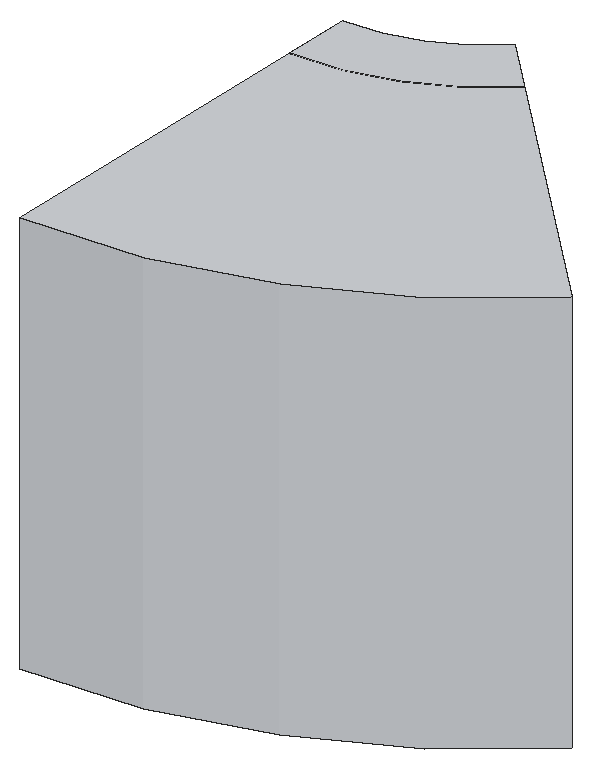
Revit family "M_Cotovelo retangular - 90 graus - Palhetas de divisão", category Conexões de duto, Revit 2019
Family settings
  Cota do conector redondo = Utilizar diâmetro
  Tipo de parte = Cotovelo
  Número OmniClass = 23.75.70.14
  Título OmniClass = Air Ductwork
  ID de item do Seek = Rectangular Elbow - Mitered - Splitter Vanes-0000-CAN-ENU
  Com base no plano de trabalho = Não
  Sempre na vertical = Sim
  Corte com vazios quando carregada = Não
  Compartilhado = Não
Parameters (values of type "1 palhetas de divisão")
  Raio do caveto [instance] = Raio do centro - 0.5 * Largura do duto  # 135 mm
  Largura da palheta de divisão 3 [instance] = Raio da palheta de divisão 3 - Raio do caveto  # 210.934 mm
  Largura da palheta de divisão 2 [instance] = Raio da palheta de divisão 2 - Raio do caveto  # 117.798 mm
  Largura da palheta de divisão 1 [instance] = Raio da palheta de divisão 1 - Raio do caveto  # 49.737 mm
  Raio da palheta de divisão 3 [instance] = Raio do caveto / (Relação da curva * Relação da curva * Relação da curva)  # 345.934 mm
  Raio da palheta de divisão 1 [instance] = Raio do caveto / Relação da curva  # 184.737 mm
  Raio da palheta de divisão 2 [instance] = Raio do caveto / (Relação da curva * Relação da curva)  # 252.798 mm
  Palheta de divisão 3 [instance] = no
  Palheta de divisão 2 [instance] = no
  Palheta de divisão 1 [instance] = yes
  Comprimento 3 [instance] = (Raio do centro - Comprimento 1 / 2) * cos(Ângulo / 2)  # 208.773 mm
  Comprimento 2 [instance] = (Raio do centro - Comprimento 1 / 2) * sin(Ângulo / 2)  # 86.477 mm
  Largura do duto [instance] = 300 mm
  Taxa do raio [instance] = 0.95
  Comprimento 1 [instance] = Raio do centro * tan(Ângulo / 2)  # 118.051 mm
  Altura do duto [instance] = 300 mm
  Relação da curva [instance] = Taxa do raio / 1.3  # 0.73077
  Raio do centro 3 [instance] = Raio do caveto + Largura da palheta de divisão 3 / 2  # 240.467 mm
  Raio do centro 2 [instance] = Raio do caveto + Largura da palheta de divisão 2 / 2  # 193.899 mm
  Raio do centro 1 [instance] = Raio do caveto + Largura da palheta de divisão 1 / 2  # 159.868 mm
  Raio do centro [instance] = Taxa do raio * Largura do duto  # 285 mm
  Assembly Code = ""
  Ângulo 1 [instance] = Ângulo / 2  # 22.50°
  Ângulo [instance] = 45.00°
Types (3, lengths in mm): name | Raio do caveto | Largura da palheta de divisão 3 | Largura da palheta de divisão 2 | Largura da palheta de divisão 1 | Raio da palheta de divisão 3 | Raio da palheta de divisão 1 | Raio da palheta de divisão 2 | Palheta de divisão 3 | Palheta de divisão 2 | Comprimento 3 | Comprimento 2 | Taxa do raio | Comprimento 1 | Relação da curva | Raio do centro 3 | Raio do centro 2 | Raio do centro 1 | Raio do centro
  3 palhetas de divisão | 150 | 179.55 | 103.5 | 45 | 329.55 | 195 | 253.5 | yes | yes | 219.761 | 91.028 | 1 | 124.264 | 0.76923 | 239.775 | 201.75 | 172.5 | 300
  2 palhetas de divisão | 150 | 179.55 | 103.5 | 45 | 329.55 | 195 | 253.5 | no | yes | 219.761 | 91.028 | 1 | 124.264 | 0.76923 | 239.775 | 201.75 | 172.5 | 300
  1 palhetas de divisão | 135 | 210.934 | 117.798 | 49.737 | 345.934 | 184.737 | 252.798 | no | no | 208.773 | 86.477 | 0.95 | 118.051 | 0.73077 | 240.467 | 193.899 | 159.868 | 285
Reference planes
  plane 1 "Centro (Frente/Trás)": y = 0
  plane 2: z = 0
  plane 3 "Centro (Esquerda/Direita)": x = 0
  plane 4: y = 285
  plane 5: x = -118.051
  plane 6: x = -31.574
  plane 7: y = 76.227
Forms (mm)
  Sweep 1, solid, detail levels medium+fine
    path in 3D
      loop
        arc (-118.051, 0, 0) -> (-8.986, 21.694, 0) -> (83.475, 83.475, 0) r 285
    profile "M_Duto - Retangular : Duto - Retangular" origin (-8.986, 21.694, 0) x (-0.382683, 0.92388, 0) y (0, 0, 1)
      loop
        line (-150, 150) -> (-150, -150) -> (150, -150) -> (150, 150) -> (-150, 150)
  Sweep 2, solid, visible <- "Palheta de divisão 1", detail levels medium+fine
    path in 3D
      loop
        arc (-118.051, 125.132, 0) -> (-56.872, 137.301, 0) -> (-5.007, 171.956, 0) r 159.868
    profile "M_Duto - Retangular : Duto - Palheta de divisão 1" origin (-56.872, 137.301, 0) x (-0.382683, 0.92388, 0) y (0, 0, 1)
      loop
        line (-24.868, 150) -> (-24.868, -150) -> (24.868, -150) -> (24.868, 150) -> (-24.868, 150)
  Sweep 3, solid, visible <- "Palheta de divisão 2", detail levels medium+fine
    path in 3D
      loop
        arc (-118.051, 91.101, 0) -> (-43.849, 105.861, 0) -> (19.056, 147.893, 0) r 193.899
    profile "M_Duto - Retangular : Duto - Palheta de divisão 2" origin (-43.849, 105.861, 0) x (-0.382683, 0.92388, 0) y (0, 0, 1)
      loop
        line (-58.899, 150) -> (-58.899, -150) -> (58.899, -150) -> (58.899, 150) -> (-58.899, 150)
  Sweep 4, solid, visible <- "Palheta de divisão 3", detail levels medium+fine
    path in 3D
      loop
        arc (-118.051, 44.533, 0) -> (-26.028, 62.838, 0) -> (51.985, 114.964, 0) r 240.467
    profile "M_Duto - Retangular : Duto - Palheta de divisão 3" origin (-26.028, 62.838, 0) x (-0.382683, 0.92388, 0) y (0, 0, 1)
      loop
        line (-105.467, 150) -> (-105.467, -150) -> (105.467, -150) -> (105.467, 150) -> (-105.467, 150)
Lines and regions (mm)
  reference lines
    curve 1: line (-118.051, 0, 0) -> (0, 0, 0)
    curve 2: line (0, 0, 0) -> (83.475, 83.475, 0)
    curve 3: arc (-118.051, 0, 0) -> (-8.986, 21.694, 0) -> (83.475, 83.475, 0) r 285
    curve 4: line (-118.051, 285, 0) -> (83.475, 83.475, 0)
    curve 7: line (-118.051, 285, 0) -> (-118.051, 0, 0)
  sketch lines
    curve 5: arc (-118.051, 0, 0) -> (-8.986, 21.694, 0) -> (83.475, 83.475, 0) r 285
    curve 9: arc (-118.051, 125.132, 0) -> (-56.872, 137.301, 0) -> (-5.007, 171.956, 0) r 159.868
    curve 11: arc (-118.051, 91.101, 0) -> (-43.849, 105.861, 0) -> (19.056, 147.893, 0) r 193.899
    curve 13: arc (-118.051, 44.533, 0) -> (-26.028, 62.838, 0) -> (51.985, 114.964, 0) r 240.467
  model lines, style "DuctFitting", detail levels coarse
    curve 6: arc (-118.051, 0, 0) -> (-8.986, 21.694, 0) -> (83.475, 83.475, 0) r 285
  model lines, not visible
    curve 8: arc (-118.051, 125.132, 0) -> (-56.872, 137.301, 0) -> (-5.007, 171.956, 0) r 159.868
    curve 10: arc (-118.051, 91.101, 0) -> (-43.849, 105.861, 0) -> (19.056, 147.893, 0) r 193.899
    curve 12: arc (-118.051, 44.533, 0) -> (-26.028, 62.838, 0) -> (51.985, 114.964, 0) r 240.467
  model lines, detail levels coarse
    curve 14: line (-31.574, 76.227, 0) -> (13.602, -32.838, 0)
Dimensions and locks
  "Comprimento 1": plane 5 to plane 3 "Centro (Esquerda/Direita)"
  "Raio do centro": plane 1 "Centro (Frente/Trás)" to plane 4
  "Comprimento 2": plane 5 to plane 6
  "Comprimento 3": plane 7 to plane 4
  "Comprimento 1": curve 14 to curve 14
  "Raio do centro 1": radius of curve 8
  "Raio do centro 2": radius of curve 10
  "Raio do centro 3": radius of curve 12
  "Ângulo": angle curve 7 to curve 4
  "Ângulo": angle curve 6 to curve 6
  "Ângulo": angle curve 8 to curve 8
  "Ângulo": angle curve 10 to curve 10
  "Ângulo": angle curve 12 to curve 12
  "Ângulo 1": angle plane 5 to curve 14
  aligned and locked: plane 1 "Centro (Frente/Trás)" to curve 1
  aligned and locked: plane 3 "Centro (Esquerda/Direita)" to curve 1
  aligned and locked: plane 5 to curve 1
  aligned and locked: plane 4 to curve 3
  aligned and locked: plane 5 to curve 3
  aligned and locked: connector elem to curve 6
  aligned and locked: plane 4 to curve 6
  aligned and locked: plane 5 to curve 6  (x2)
  aligned and locked: curve 7 to plane 5
  aligned and locked: plane 4 to curve 7
  aligned and locked: plane 4 to curve 8
  aligned and locked: plane 5 to curve 8  (x2)
  aligned and locked: plane 5 to curve 10  (x2)
  aligned and locked: plane 4 to curve 10
  aligned and locked: plane 4 to curve 12
  aligned and locked: plane 5 to curve 12  (x2)
  aligned and locked: plane 7 to curve 14
  aligned and locked: plane 6 to curve 14
Connectors
  hvac at (-118.051, 0, 0), driven by "Altura do duto", driven by "Largura do duto", driven by "Ângulo"
    settings: on Sweep 1, index 1, duct flow 0.0 L/s, flow factor 0, pres drop 0.0 Pa, loss coef 0, conn angle 45.00°, conn width 300 mm, conn height 300 mm, conn diameter 609.6 mm, duct sys type 28, conn prof type 1, flow config 0, flow direction 0, loss method 0, conn ref index 2, conn util no, is conn primary yes, conn desc ""
  hvac at (83.475, 83.475, 0), driven by "Ângulo", driven by "Altura do duto", driven by "Largura do duto"
    settings: on Sweep 1, index 2, duct flow 0.0 L/s, flow factor 0, pres drop 0.0 Pa, loss coef 0, conn angle 45.00°, conn width 300 mm, conn height 300 mm, conn diameter 609.6 mm, duct sys type 28, conn prof type 1, flow config 0, flow direction 0, loss method 0, conn ref index 1, conn util no, is conn primary no, conn desc ""
